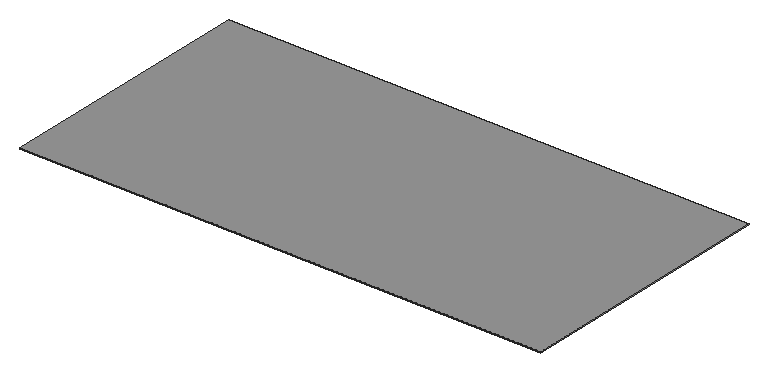
Revit family "CeilingTypes", category Generic Models, Revit 2019
Family settings
  Can host rebar = No
  Round Connector Dimension = Use Diameter
  Part Type = Normal
  Work Plane-Based = No
  Always vertical = Yes
  Cut with Voids When Loaded = No
  Shared = No
  Room Calculation Point = No
Parameters (values of type "Gyp Board Ceiling")
  oW = 10' - 0"
  oH = 0' - 0 1/4"
  oD = 5' - 0"
  Material = GYPSUM BOARD CEILING
  MASTERFORMAT = "No Prediction Found"
  ID = "034fa3034fa947a0a0fae1c6510760d1"
  FNAME = "CeilingTypes"
Types (6): name | oW | oD | Material
  Automatic Type | 8' - 0" | 4' - 0" | none
  2  x 2 ACP | 8' - 0" | 4' - 0" | 2x2 ACP
  2 X 4 ACP | 10' - 0" | 5' - 0" | 2x4 ACP
  2 x 2 DEMO ACP | 10' - 0" | 5' - 0" | 2x2 DEMO ACP
  2 x 4 DEMO ACP | 10' - 0" | 5' - 0" | 2x4 DEMO ACP
  Gyp Board Ceiling | 10' - 0" | 5' - 0" | GYPSUM BOARD CEILING
Reference planes (in)
  plane 1 "Center (Front/Back)": y = 0
  plane 2: z = 0
  plane 3 "Center (Left/Right)": x = 0
  plane 4: y = 30
  plane 5: x = 60
  plane 6: x = -60
  plane 7: y = -30
Forms (in)
  Extrusion 1, solid, material "GYPSUM BOARD CEILING" <- "Material"
    sketch origin (0, 0, 0) x (1, 0, 0) y (0, 1, 0)
      loop
        line (-60, -30) -> (60, -30) -> (60, 30) -> (-60, 30) -> (-60, -30)
    from 0 to 0.25 <- "oH"
Dimensions and locks (in)
  equal spacing: plane 4, plane 1 "Center (Front/Back)", plane 7
  "oW": plane 6 to plane 5
  equal spacing: plane 6, plane 3 "Center (Left/Right)", plane 5
  "oD": plane 4 to plane 7
  aligned and locked: plane 2 to level
  aligned and locked: Extrusion 1 sketch curve to plane 7
  aligned and locked: Extrusion 1 sketch curve to plane 6
  aligned and locked: Extrusion 1 sketch curve to plane 4
  aligned and locked: plane 5 to Extrusion 1 sketch curve
